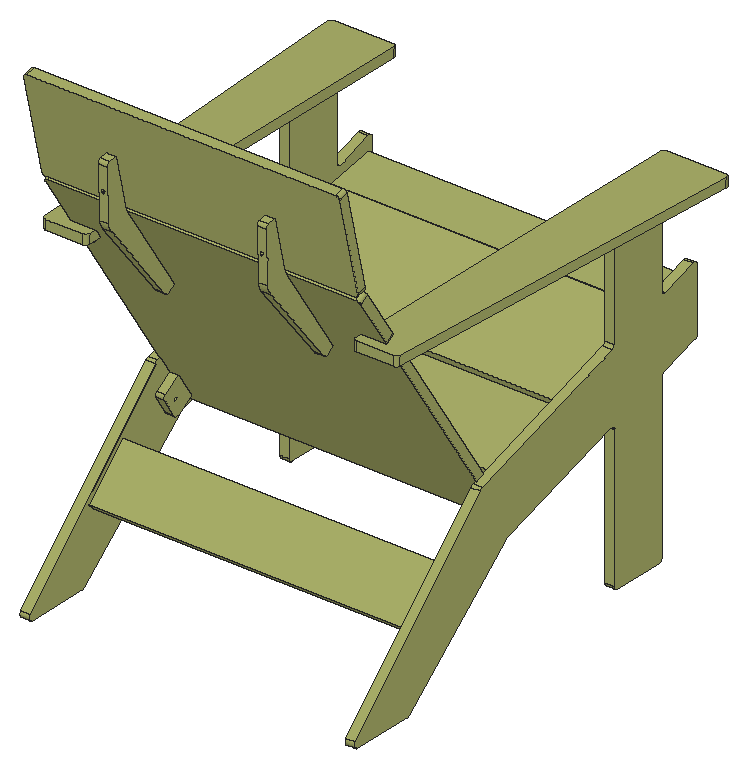
Revit family "Lollygagger Lounge Tall", category Furniture, Revit 2016
Family settings
  OmniClass Number = 23.40.20.00
  OmniClass Title = General Furniture and Specialties
  Work Plane-Based = No
  Always vertical = Yes
  Cut with Voids When Loaded = No
  Shared = No
  Room Calculation Point = No
Parameters (values of type "Loll-Leaf")
  Width = 29 17/64"  # constant formula
  URL = "https://lolldesigns.com/"
  Type Image = lollygagger_tall_lounge_green.jpg
  Thick = 5/8"  # constant formula
  Model = ""
  Manufacturer = "Loll"  # constant formula
  Length = 22 5/8"  # constant formula
  Height Arm = 22 27/32"  # constant formula
  Finish Material = Loll-Leaf
Reference planes (in)
  plane 1 "Center Front/Back": y = 0
  plane 2: z = 0
  plane 3 "Center Left/Right": x = 0
  plane 4: x = 11.3125
  plane 5: x = -11.3125
  plane 6: y = -14.74047
  plane 7: x = 10.6875
  plane 8: x = -10.6875
  plane 9: y = 14.74047
  plane 10: z = 22.84375
  plane 11: z = 22.21875
Forms (in)
  Extrusion 1, solid, material "Loll-Leaf" <- "Finish Material"
    sketch origin (-10.88537, 1.93943, 22.21875) x (0, 1, 0) y (1, 0, 0)
      loop
        arc (-13.19896, 1.88537) -> (-13.37574, 1.81215) -> (-13.44896, 1.63537) r 0.25
        line (-13.44896, 1.63537) -> (-13.44896, -0.8785)
        arc (-13.44896, -0.8785) -> (-13.38071, -1.05017) -> (-13.21322, -1.1281) r 0.25
        line (-13.21322, -1.1281) -> (12.53678, -2.59953)
        arc (12.53678, -2.59953) -> (12.7227, -2.53168) -> (12.80104, -2.34993) r 0.25
        line (12.80104, -2.34993) -> (12.80104, 1.63537)
        arc (12.80104, 1.63537) -> (12.72782, 1.81215) -> (12.55104, 1.88537) r 0.25
        line (12.55104, 1.88537) -> (-13.19896, 1.88537)
    from 0 to -0.625
  Extrusion 2, solid, material "Loll-Leaf" <- "Finish Material"
    sketch origin (0, -6.42158, 17.33828) x (-1, 0, 0) y (0, -0.544639, 0.838671)
      loop
        arc (-10.4375, 11.18421) -> (-10.61428, 11.11098) -> (-10.6875, 10.93421) r 0.25
        line (-10.6875, 10.93421) -> (-10.6875, 7.0087)
        arc (-10.6875, 7.0087) -> (-10.65089, 6.92031) -> (-10.5625, 6.8837) r 0.125
        line (-10.5625, 6.8837) -> (-9.25, 6.8837)
        arc (-9.25, 6.8837) -> (-9.07322, 6.81048) -> (-9, 6.6337) r 0.25
        line (-9, 6.6337) -> (-9, 6.53474)
        arc (-9, 6.53474) -> (-9.07322, 6.35796) -> (-9.25, 6.28474) r 0.25
        line (-9.25, 6.28474) -> (-10.5625, 6.28474)
        arc (-10.5625, 6.28474) -> (-10.65089, 6.24812) -> (-10.6875, 6.15974) r 0.125
        line (-10.6875, 6.15974) -> (-10.6875, -7.81579) -> (-10.9375, -7.81579)
        arc (-10.9375, -7.81579) -> (-11.02589, -7.8524) -> (-11.0625, -7.94079) r 0.125
        line (-11.0625, -7.94079) -> (-11.0625, -10.69079)
        arc (-11.0625, -10.69079) -> (-11.02589, -10.77918) -> (-10.9375, -10.81579) r 0.125
        line (-10.9375, -10.81579) -> (10.9375, -10.81579)
        arc (10.9375, -10.81579) -> (11.02589, -10.77918) -> (11.0625, -10.69079) r 0.125
        line (11.0625, -10.69079) -> (11.0625, -7.94079)
        arc (11.0625, -7.94079) -> (11.02589, -7.8524) -> (10.9375, -7.81579) r 0.125
        line (10.9375, -7.81579) -> (10.6875, -7.81579) -> (10.6875, 6.15974)
        arc (10.6875, 6.15974) -> (10.65089, 6.24812) -> (10.5625, 6.28474) r 0.125
        line (10.5625, 6.28474) -> (9.25, 6.28474)
        arc (9.25, 6.28474) -> (9.07322, 6.35796) -> (9, 6.53474) r 0.25
        line (9, 6.53474) -> (9, 6.6337)
        arc (9, 6.6337) -> (9.07322, 6.81048) -> (9.25, 6.8837) r 0.25
        line (9.25, 6.8837) -> (10.5625, 6.8837)
        arc (10.5625, 6.8837) -> (10.65089, 6.92031) -> (10.6875, 7.0087) r 0.125
        line (10.6875, 7.0087) -> (10.6875, 10.93421)
        arc (10.6875, 10.93421) -> (10.61428, 11.11098) -> (10.4375, 11.18421) r 0.25
        line (10.4375, 11.18421) -> (-10.4375, 11.18421)
    from 0 to -0.625
  Extrusion 3, solid, material "Loll-Leaf" <- "Finish Material", not visible
    sketch origin (10.88537, -1.93943, 22.22123) x (0, -1, 0) y (-1, 0, 0)
      loop
        arc (9.32009, 32.38537) -> (9.49687, 32.4586) -> (9.57009, 32.63537) r 0.25
        line (9.57009, 32.63537) -> (9.57009, 35.14925)
        arc (9.57009, 35.14925) -> (9.50184, 35.32091) -> (9.33435, 35.39884) r 0.25
        line (9.33435, 35.39884) -> (-16.41565, 36.87027)
        arc (-16.41565, 36.87027) -> (-16.60157, 36.80243) -> (-16.67991, 36.62068) r 0.25
        line (-16.67991, 36.62068) -> (-16.67991, 32.63537)
        arc (-16.67991, 32.63537) -> (-16.60669, 32.4586) -> (-16.42991, 32.38537) r 0.25
        line (-16.42991, 32.38537) -> (9.32009, 32.38537)
    from 0 to -0.625
  Extrusion 4, solid, material "Loll-Leaf" <- "Finish Material"
    sketch origin (10.88537, -1.93943, 22.22123) x (0, -1, 0) y (-1, 0, 0)
      loop
        line (9.32009, 1.88537) -> (-16.42991, 1.88537)
        arc (-16.42991, 1.88537) -> (-16.60669, 1.81215) -> (-16.67991, 1.63537) r 0.25
        line (-16.67991, 1.63537) -> (-16.67991, -2.34993)
        arc (-16.67991, -2.34993) -> (-16.60157, -2.53168) -> (-16.41565, -2.59953) r 0.25
        line (-16.41565, -2.59953) -> (9.33435, -1.1281)
        arc (9.33435, -1.1281) -> (9.50184, -1.05017) -> (9.57009, -0.8785) r 0.25
        line (9.57009, -0.8785) -> (9.57009, 1.63537)
        arc (9.57009, 1.63537) -> (9.49687, 1.81215) -> (9.32009, 1.88537) r 0.25
    from 0 to -0.625
  Extrusion 5, solid, material "Loll-Leaf" <- "Finish Material"
    sketch origin (0, 0.96383, 11.93975) x (1, 0, 0) y (0, 0.978148, 0.207912)
      loop
        line (-10.875, -3) -> (10.875, -3)
        arc (10.875, -3) -> (10.96339, -2.96339) -> (11, -2.875) r 0.125
        line (11, -2.875) -> (11, 2.875)
        arc (11, 2.875) -> (10.96339, 2.96339) -> (10.875, 3) r 0.125
        line (10.875, 3) -> (-10.875, 3)
        arc (-10.875, 3) -> (-10.96339, 2.96339) -> (-11, 2.875) r 0.125
        line (-11, 2.875) -> (-11, -2.875)
        arc (-11, -2.875) -> (-10.96339, -2.96339) -> (-10.875, -3) r 0.125
    from 0 to -0.625
  Extrusion 6, solid, material "Loll-Leaf" <- "Finish Material"
    sketch origin (0, 9.35533, 14.03025) x (0, 0.930418, 0.366501) y (1, 0, 0)
      loop
        line (-5.29915, 10.6875) -> (-5.29915, -10.6875) -> (2.23456, -10.6875) -> (2.23456, 10.6875) -> (-5.29915, 10.6875)
    from 0 to -0.625
  Extrusion 7, solid, material "Loll-Leaf" <- "Finish Material"
    sketch origin (0, 10.86547, 10.61702) x (0, 0, 1) y (-1, 0, 0)
      loop
        line (-10.34704, -8.9375) -> (-10.34704, -10.875)
        arc (-10.34704, -10.875) -> (-10.31043, -10.96339) -> (-10.22204, -11) r 0.125
        line (-10.22204, -11) -> (4.49046, -11)
        arc (4.49046, -11) -> (4.57885, -10.96339) -> (4.61546, -10.875) r 0.125
        line (4.61546, -10.875) -> (4.61546, 10.875)
        arc (4.61546, 10.875) -> (4.57885, 10.96339) -> (4.49046, 11) r 0.125
        line (4.49046, 11) -> (-10.22204, 11)
        arc (-10.22204, 11) -> (-10.31043, 10.96339) -> (-10.34704, 10.875) r 0.125
        line (-10.34704, 10.875) -> (-10.34704, 8.9375)
        arc (-10.34704, 8.9375) -> (-10.27382, 8.76072) -> (-10.09704, 8.6875) r 0.25
        line (-10.09704, 8.6875) -> (0.23046, 8.6875)
        arc (0.23046, 8.6875) -> (0.4143, 8.61135) -> (0.49046, 8.4275) r 0.26
        line (0.49046, 8.4275) -> (0.49046, -8.4275)
        arc (0.49046, -8.4275) -> (0.4143, -8.61135) -> (0.23046, -8.6875) r 0.26
        line (0.23046, -8.6875) -> (-10.09704, -8.6875)
        arc (-10.09704, -8.6875) -> (-10.27382, -8.76072) -> (-10.34704, -8.9375) r 0.25
    from 0 to -0.625
  Extrusion 8, solid, material "Loll-Leaf" <- "Finish Material"
    sketch origin (-10.6875, 3.48106, 9.27315) x (0, 1, 0) y (0, 0, 1)
      loop
        arc (4.25942, 5.65273) -> (4.21167, 5.50578) -> (4.08667, 5.41497) r 0.25
        line (4.08667, 5.41497) -> (-6.86864, 1.85537)
        arc (-6.86864, 1.85537) -> (-6.97538, 1.80616) -> (-7.06769, 1.73339) r 0.5
        line (-7.06769, 1.73339) -> (-17.64745, -8.84637)
        arc (-17.64745, -8.84637) -> (-17.70164, -9.11882) -> (-17.47067, -9.27315) r 0.25
        line (-17.47067, -9.27315) -> (-13.29968, -9.27315)
        arc (-13.29968, -9.27315) -> (-13.21286, -9.25759) -> (-13.13684, -9.21284) r 0.25
        line (-13.13684, -9.21284) -> (-4.90461, -2.14571)
        arc (-4.90461, -2.14571) -> (-4.82243, -2.0884) -> (-4.73048, -2.04861) r 0.5
        line (-4.73048, -2.04861) -> (3.93364, 0.70731)
        arc (3.93364, 0.70731) -> (4.15699, 0.67087) -> (4.25942, 0.46908) r 0.25
        line (4.25942, 0.46908) -> (4.25942, -9.02315)
        arc (4.25942, -9.02315) -> (4.33264, -9.19993) -> (4.50942, -9.27315) r 0.25
        line (4.50942, -9.27315) -> (8.00942, -9.27315)
        arc (8.00942, -9.27315) -> (8.18619, -9.19993) -> (8.25942, -9.02315) r 0.25
        line (8.25942, -9.02315) -> (8.25942, 1.90046)
        arc (8.25942, 1.90046) -> (8.30762, 2.04803) -> (8.43364, 2.1387) r 0.25
        line (8.43364, 2.1387) -> (11.0852, 2.98212)
        arc (11.0852, 2.98212) -> (11.21122, 3.07279) -> (11.25942, 3.22036) r 0.25
        line (11.25942, 3.22036) -> (11.25942, 7.40144)
        arc (11.25942, 7.40144) -> (11.15636, 7.60369) -> (10.93216, 7.6392) r 0.25
        line (10.93216, 7.6392) -> (8.58667, 6.8771)
        arc (8.58667, 6.8771) -> (8.36247, 6.91261) -> (8.25942, 7.11487) r 0.25
        line (8.25942, 7.11487) -> (8.25942, 12.94809) -> (4.25942, 12.94809) -> (4.25942, 5.65273)
    from 0 to -0.625
  Extrusion 9, solid, material "Loll-Leaf" <- "Finish Material", not visible
    sketch origin (10.6875, -3.48106, 9.27315) x (0, -1, 0) y (0, 0, 1)
      loop
        line (-11.22153, 5.65273) -> (-11.22153, 12.94809) -> (-15.22153, 12.94809) -> (-15.22153, 7.11487)
        arc (-15.22153, 7.11487) -> (-15.32459, 6.91261) -> (-15.54879, 6.8771) r 0.25
        line (-15.54879, 6.8771) -> (-17.89428, 7.6392)
        arc (-17.89428, 7.6392) -> (-18.11848, 7.60369) -> (-18.22153, 7.40144) r 0.25
        line (-18.22153, 7.40144) -> (-18.22153, 3.22036)
        arc (-18.22153, 3.22036) -> (-18.17333, 3.07279) -> (-18.04731, 2.98212) r 0.25
        line (-18.04731, 2.98212) -> (-15.39575, 2.1387)
        arc (-15.39575, 2.1387) -> (-15.26973, 2.04803) -> (-15.22153, 1.90046) r 0.25
        line (-15.22153, 1.90046) -> (-15.22153, -9.02315)
        arc (-15.22153, -9.02315) -> (-15.14831, -9.19993) -> (-14.97153, -9.27315) r 0.25
        line (-14.97153, -9.27315) -> (-11.47153, -9.27315)
        arc (-11.47153, -9.27315) -> (-11.29475, -9.19993) -> (-11.22153, -9.02315) r 0.25
        line (-11.22153, -9.02315) -> (-11.22153, 0.46908)
        arc (-11.22153, 0.46908) -> (-11.1191, 0.67087) -> (-10.89575, 0.70731) r 0.25
        line (-10.89575, 0.70731) -> (-2.23163, -2.04861)
        arc (-2.23163, -2.04861) -> (-2.13968, -2.0884) -> (-2.05751, -2.14571) r 0.5
        line (-2.05751, -2.14571) -> (6.17472, -9.21284)
        arc (6.17472, -9.21284) -> (6.25074, -9.25759) -> (6.33757, -9.27315) r 0.25
        line (6.33757, -9.27315) -> (10.50856, -9.27315)
        arc (10.50856, -9.27315) -> (10.73953, -9.11882) -> (10.68534, -8.84637) r 0.25
        line (10.68534, -8.84637) -> (0.10557, 1.73339)
        arc (0.10557, 1.73339) -> (0.01327, 1.80616) -> (-0.09347, 1.85537) r 0.5
        line (-0.09347, 1.85537) -> (-11.04879, 5.41497)
        arc (-11.04879, 5.41497) -> (-11.17379, 5.50578) -> (-11.22153, 5.65273) r 0.25
    from 0 to -0.625
  Extrusion 10, solid, material "Loll-Leaf" <- "Finish Material"
    sketch origin (10.6875, -3.48106, 9.27315) x (0, -1, 0) y (0, 0, 1)
      loop
        line (-11.22153, 5.65273) -> (-11.22153, 12.94809) -> (-15.22153, 12.94809) -> (-15.22153, 7.11487)
        arc (-15.22153, 7.11487) -> (-15.32459, 6.91261) -> (-15.54879, 6.8771) r 0.25
        line (-15.54879, 6.8771) -> (-17.89428, 7.6392)
        arc (-17.89428, 7.6392) -> (-18.11848, 7.60369) -> (-18.22153, 7.40144) r 0.25
        line (-18.22153, 7.40144) -> (-18.22153, 3.22036)
        arc (-18.22153, 3.22036) -> (-18.17333, 3.07279) -> (-18.04731, 2.98212) r 0.25
        line (-18.04731, 2.98212) -> (-15.39575, 2.1387)
        arc (-15.39575, 2.1387) -> (-15.26973, 2.04803) -> (-15.22153, 1.90046) r 0.25
        line (-15.22153, 1.90046) -> (-15.22153, -9.02315)
        arc (-15.22153, -9.02315) -> (-15.14831, -9.19993) -> (-14.97153, -9.27315) r 0.25
        line (-14.97153, -9.27315) -> (-11.47153, -9.27315)
        arc (-11.47153, -9.27315) -> (-11.29475, -9.19993) -> (-11.22153, -9.02315) r 0.25
        line (-11.22153, -9.02315) -> (-11.22153, 0.46908)
        arc (-11.22153, 0.46908) -> (-11.1191, 0.67087) -> (-10.89575, 0.70731) r 0.25
        line (-10.89575, 0.70731) -> (-2.23163, -2.04861)
        arc (-2.23163, -2.04861) -> (-2.13968, -2.0884) -> (-2.05751, -2.14571) r 0.5
        line (-2.05751, -2.14571) -> (6.17472, -9.21284)
        arc (6.17472, -9.21284) -> (6.25074, -9.25759) -> (6.33757, -9.27315) r 0.25
        line (6.33757, -9.27315) -> (10.50856, -9.27315)
        arc (10.50856, -9.27315) -> (10.73953, -9.11882) -> (10.68534, -8.84637) r 0.25
        line (10.68534, -8.84637) -> (0.10557, 1.73339)
        arc (0.10557, 1.73339) -> (0.01327, 1.80616) -> (-0.09347, 1.85537) r 0.5
        line (-0.09347, 1.85537) -> (-11.04879, 5.41497)
        arc (-11.04879, 5.41497) -> (-11.17379, 5.50578) -> (-11.22153, 5.65273) r 0.25
    from 0 to -0.625
  Extrusion 11, solid, material "Loll-Leaf" <- "Finish Material"
    sketch origin (0, -13.95315, 30.09055) x (0, -0.224951, 0.97437) y (-1, 0, 0)
      loop
        line (3.5, -10.4375) -> (3.5, 10.4375)
        arc (3.5, 10.4375) -> (3.42678, 10.61428) -> (3.25, 10.6875) r 0.25
        line (3.25, 10.6875) -> (-3.25, 10.6875)
        arc (-3.25, 10.6875) -> (-3.42678, 10.61428) -> (-3.5, 10.4375) r 0.25
        line (-3.5, 10.4375) -> (-3.5, -10.4375)
        arc (-3.5, -10.4375) -> (-3.42678, -10.61428) -> (-3.25, -10.6875) r 0.25
        line (-3.25, -10.6875) -> (3.25, -10.6875)
        arc (3.25, -10.6875) -> (3.42678, -10.61428) -> (3.5, -10.4375) r 0.25
    from 0 to -0.625
  Extrusion 12, solid, material "Loll-Leaf" <- "Finish Material"
    sketch origin (0, -7.83102, 6.32021) x (1, 0, 0) y (0, 0.707107, 0.707107)
      loop
        line (10.6875, 2) -> (-10.6875, 2) -> (-10.6875, -2) -> (10.6875, -2) -> (10.6875, 2)
    from 0 to -0.625
  Extrusion 13, solid, material "Loll-Leaf" <- "Finish Material"
    sketch origin (0, 1.30509, 10.33426) x (0, -0.207912, 0.978148) y (-1, 0, 0)
      loop
        line (-0.85319, 10.6875) -> (-0.85319, -10.6875) -> (1.38651, -10.6875) -> (1.38651, 10.6875) -> (-0.85319, 10.6875)
    from -1.375 to -2
  Extrusion 14, solid, material "Loll-Leaf" <- "Finish Material", not visible
    sketch origin (10.0625, 10.25518, 2.83248) x (0, 1, 0) y (0, 0, -1)
      loop
        line (0.61029, 1) -> (-0.70221, 1)
        arc (-0.70221, 1) -> (-0.87898, 0.92678) -> (-0.95221, 0.75) r 0.25
        line (-0.95221, 0.75) -> (-0.95221, -0.75102)
        arc (-0.95221, -0.75102) -> (-0.87928, -0.92708) -> (-0.70323, -1) r 0.24898
        line (-0.70323, -1) -> (0.61029, -1) -> (0.61029, 1)
      loop
        circle (-0.32732, -0.00097) r 0.15438
    from 0 to -0.625
  Extrusion 15, solid, material "Loll-Leaf" <- "Finish Material", not visible
    sketch origin (10.6875, 8.95591, 13.10345) x (0, 1, 0) y (0, 0, 1)
      loop
        circle (0.86558, -0.01108) r 0.15496
      loop
        arc (1.97075, 0.9872) -> (1.6244, 1.04856) -> (1.40416, 1.32282) r 0.5
        line (1.40416, 1.32282) -> (-0.92267, 0.40626) -> (-0.78726, 0.0625)
        arc (-0.78726, 0.0625) -> (0.13177, -1.08772) -> (1.53879, -1.52125) r 2.5
        line (1.53879, -1.52125) -> (1.97075, -1.52125) -> (1.97075, 0.9872)
    from 0 to -0.625
  Extrusion 16, solid, material "Loll-Leaf" <- "Finish Material", not visible
    sketch origin (10.0625, 1.7693, 8.9093) x (0, 1, 0) y (0, 0, 1)
      loop
        line (-1.65367, 2.21119) -> (-1.38078, 0.92737)
        arc (-1.38078, 0.92737) -> (-1.27241, 0.76968) -> (-1.08427, 0.73482) r 0.25
        line (-1.08427, 0.73482) -> (0.38295, 1.04668)
        arc (0.38295, 1.04668) -> (0.54064, 1.15506) -> (0.57551, 1.3432) r 0.25
        line (0.57551, 1.3432) -> (0.30263, 2.62702) -> (-1.65367, 2.21119)
      loop
        circle (-0.48096, 1.5021) r 0.15469
    from 0 to 0.625
  Extrusion 17, solid, material "Loll-Leaf" <- "Finish Material", not visible
    sketch origin (10.0625, 3.48106, 9.27315) x (0, 1, 0) y (0, 0, 1)
      loop
        line (-5.89771, 0.75052) -> (-6.99846, 0.03568)
        arc (-6.99846, 0.03568) -> (-7.10684, -0.12201) -> (-7.07197, -0.31015) r 0.25
        line (-7.07197, -0.31015) -> (-6.25501, -1.56815)
        arc (-6.25501, -1.56815) -> (-6.09732, -1.67653) -> (-5.90918, -1.64166) r 0.25
        line (-5.90918, -1.64166) -> (-4.80843, -0.92682) -> (-5.89771, 0.75052)
      loop
        circle (-6.13972, -0.59897) r 0.15467
    from 0 to 0.625
  Extrusion 18, solid, material "Loll-Leaf" <- "Finish Material", not visible
    sketch origin (10.0625, 3.48106, 9.27315) x (0, 1, 0) y (0, 0, 1)
      loop
        line (-11.57724, -4.10199) -> (-10.64917, -5.03007)
        arc (-10.64917, -5.03007) -> (-10.47239, -5.10329) -> (-10.29561, -5.03007) r 0.25
        line (-10.29561, -5.03007) -> (-9.23495, -3.96941)
        arc (-9.23495, -3.96941) -> (-9.16173, -3.79263) -> (-9.23495, -3.61585) r 0.25
        line (-9.23495, -3.61585) -> (-10.16303, -2.68778) -> (-11.57724, -4.10199)
      loop
        circle (-10.20772, -4.05688) r 0.15525
    from 0 to 0.625
  Extrusion 19, solid, material "Aluminum", not visible
    sketch origin (9.86463, 1.93943, 22.22123) x (-1, 0, 0) y (0, 1, 0)
      loop
        arc (32.48963, 8.11354) -> (32.17713, 7.80104) -> (32.48963, 7.48854) r 0.3125
        line (32.48963, 7.48854) -> (34.23963, 7.48854)
        arc (34.23963, 7.48854) -> (34.55213, 7.80104) -> (34.23963, 8.11354) r 0.3125
        line (34.23963, 8.11354) -> (32.48963, 8.11354)
      loop
        circle (32.48947, 7.80212) r 0.14929
      loop
        circle (34.23978, 7.80212) r 0.14929
    from 0 to 0.0725
  Extrusion 20, solid, material "Aluminum", not visible
    sketch origin (-45.75, -6.94575, 16.99788) x (1, 0, 0) y (0, -0.544639, 0.838671)
      loop
        arc (23.8125, 6.24793) -> (23.76338, 6.36652) -> (23.64479, 6.41564) r 0.16771
        line (23.64479, 6.41564) -> (22.96805, 6.41564)
        arc (22.96805, 6.41564) -> (22.85806, 6.37008) -> (22.8125, 6.26009) r 0.15555
        line (22.8125, 6.26009) -> (22.8125, 6.04064) -> (23.02091, 5.55275)
        arc (23.02091, 5.55275) -> (23.3125, 5.36022) -> (23.60409, 5.55275) r 0.31708
        line (23.60409, 5.55275) -> (23.8125, 6.04064) -> (23.8125, 6.24793)
      loop
        circle (23.31763, 5.67339) r 0.14853
    from 0 to 0.065
  Extrusion 21, solid, material "Loll-Leaf" <- "Finish Material", not visible
    sketch origin (-18.1875, -12.38505, 24.77911) x (0, 0.224951, -0.97437) y (0, -0.97437, -0.224951)
      loop
        line (-5.53464, 0.33309) -> (-1.92142, 0.33309)
        arc (-1.92142, 0.33309) -> (-1.86284, 0.32797) -> (-1.80603, 0.31275) r 0.33738
        line (-1.80603, 0.31275) -> (5.23059, -2.24837) -> (5.40774, -1.76166)
        arc (5.40774, -1.76166) -> (5.40421, -1.58153) -> (5.28052, -1.45055) r 0.25
        line (5.28052, -1.45055) -> (-1.29837, 1.69031)
        arc (-1.29837, 1.69031) -> (-1.60413, 1.78003) -> (-1.9226, 1.769) r 1
        line (-1.9226, 1.769) -> (-5.33299, 1.09672)
        arc (-5.33299, 1.09672) -> (-5.47776, 1.01021) -> (-5.53464, 0.85144) r 0.25
        line (-5.53464, 0.85144) -> (-5.53464, 0.33309)
    from 0 to -0.625
  Extrusion 22, void, not visible
    sketch origin (-18.1875, -14.5412, 26.25449) x (0, -0.032257, 0.99948) y (-1, 0, 0)
      loop
        circle (1.90046, -0.31296) r 0.12341
    from -1.3884 to 0
  Extrusion 23, solid, material "Loll-Leaf" <- "Finish Material"
    sketch origin (-5.6875, -12.38505, 24.77911) x (0, 0.224951, -0.97437) y (0, -0.97437, -0.224951)
      loop
        line (-5.53464, 0.33309) -> (-1.92142, 0.33309)
        arc (-1.92142, 0.33309) -> (-1.86284, 0.32797) -> (-1.80603, 0.31275) r 0.33738
        line (-1.80603, 0.31275) -> (5.23059, -2.24837) -> (5.40774, -1.76166)
        arc (5.40774, -1.76166) -> (5.40421, -1.58153) -> (5.28052, -1.45055) r 0.25
        line (5.28052, -1.45055) -> (-1.29837, 1.69031)
        arc (-1.29837, 1.69031) -> (-1.60413, 1.78003) -> (-1.9226, 1.769) r 1
        line (-1.9226, 1.769) -> (-5.33299, 1.09672)
        arc (-5.33299, 1.09672) -> (-5.47776, 1.01021) -> (-5.53464, 0.85144) r 0.25
        line (-5.53464, 0.85144) -> (-5.53464, 0.33309)
    from 0 to -0.625
  Extrusion 24, void
    sketch origin (-5.6875, -14.5412, 26.25449) x (0, -0.032257, 0.99948) y (-1, 0, 0)
      loop
        circle (1.90046, -0.31296) r 0.12341
    from -1.3884 to 0
  Extrusion 25, solid, material "Loll-Leaf" <- "Finish Material"
    sketch origin (5.0625, -12.38505, 24.77911) x (0, 0.224951, -0.97437) y (0, -0.97437, -0.224951)
      loop
        line (-5.53464, 0.33309) -> (-1.92142, 0.33309)
        arc (-1.92142, 0.33309) -> (-1.86284, 0.32797) -> (-1.80603, 0.31275) r 0.33738
        line (-1.80603, 0.31275) -> (5.23059, -2.24837) -> (5.40774, -1.76166)
        arc (5.40774, -1.76166) -> (5.40421, -1.58153) -> (5.28052, -1.45055) r 0.25
        line (5.28052, -1.45055) -> (-1.29837, 1.69031)
        arc (-1.29837, 1.69031) -> (-1.60413, 1.78003) -> (-1.9226, 1.769) r 1
        line (-1.9226, 1.769) -> (-5.33299, 1.09672)
        arc (-5.33299, 1.09672) -> (-5.47776, 1.01021) -> (-5.53464, 0.85144) r 0.25
        line (-5.53464, 0.85144) -> (-5.53464, 0.33309)
    from 0 to -0.625
  Extrusion 26, void
    sketch origin (5.0625, -14.5412, 26.25449) x (0, -0.032257, 0.99948) y (-1, 0, 0)
      loop
        circle (1.90046, -0.31296) r 0.12341
    from -1.3884 to 0
  Extrusion 27, solid, material "Loll-Leaf" <- "Finish Material"
    sketch origin (-10.0625, -10.25518, 2.83248) x (0, -1, 0) y (0, 0, -1)
      loop
        line (-21.12065, 1) -> (-21.12065, -1) -> (-19.80713, -1)
        arc (-19.80713, -1) -> (-19.63108, -0.92708) -> (-19.55815, -0.75102) r 0.24898
        line (-19.55815, -0.75102) -> (-19.55815, 0.75)
        arc (-19.55815, 0.75) -> (-19.63138, 0.92678) -> (-19.80815, 1) r 0.25
        line (-19.80815, 1) -> (-21.12065, 1)
      loop
        circle (-20.18304, -0.00097) r 0.15438
    from 0 to -0.625
  Extrusion 28, solid, material "Loll-Leaf" <- "Finish Material"
    sketch origin (-10.6875, -8.95591, 13.10345) x (0, -1, 0) y (0, 0, 1)
      loop
        circle (-18.7774, -0.01108) r 0.15496
      loop
        line (-19.88257, 0.9872) -> (-19.88257, -1.52125) -> (-19.45061, -1.52125)
        arc (-19.45061, -1.52125) -> (-18.0436, -1.08772) -> (-17.12457, 0.0625) r 2.5
        line (-17.12457, 0.0625) -> (-16.98916, 0.40626) -> (-19.31599, 1.32282)
        arc (-19.31599, 1.32282) -> (-19.53623, 1.04856) -> (-19.88257, 0.9872) r 0.5
    from 0 to -0.625
  Extrusion 29, solid, material "Loll-Leaf" <- "Finish Material"
    sketch origin (-10.0625, -1.7693, 8.9093) x (0, -1, 0) y (0, 0, 1)
      loop
        line (-1.88493, 2.21119) -> (-3.84123, 2.62702) -> (-4.11411, 1.3432)
        arc (-4.11411, 1.3432) -> (-4.07924, 1.15506) -> (-3.92155, 1.04668) r 0.25
        line (-3.92155, 1.04668) -> (-2.45433, 0.73482)
        arc (-2.45433, 0.73482) -> (-2.26619, 0.76968) -> (-2.15781, 0.92737) r 0.25
        line (-2.15781, 0.92737) -> (-1.88493, 2.21119)
      loop
        circle (-3.05764, 1.5021) r 0.15469
    from 0 to 0.625
  Extrusion 30, solid, material "Loll-Leaf" <- "Finish Material"
    sketch origin (-10.0625, -3.48106, 9.27315) x (0, -1, 0) y (0, 0, 1)
      loop
        line (-1.06441, 0.75052) -> (-2.15369, -0.92682) -> (-1.05293, -1.64166)
        arc (-1.05293, -1.64166) -> (-0.86479, -1.67653) -> (-0.70711, -1.56815) r 0.25
        line (-0.70711, -1.56815) -> (0.10985, -0.31015)
        arc (0.10985, -0.31015) -> (0.14472, -0.12201) -> (0.03635, 0.03568) r 0.25
        line (0.03635, 0.03568) -> (-1.06441, 0.75052)
      loop
        circle (-0.82239, -0.59897) r 0.15467
    from 0 to 0.625
  Extrusion 31, solid, material "Loll-Leaf" <- "Finish Material"
    sketch origin (-10.0625, -3.48106, 9.27315) x (0, -1, 0) y (0, 0, 1)
      loop
        line (4.61513, -4.10199) -> (3.20092, -2.68778) -> (2.27284, -3.61585)
        arc (2.27284, -3.61585) -> (2.19962, -3.79263) -> (2.27284, -3.96941) r 0.25
        line (2.27284, -3.96941) -> (3.3335, -5.03007)
        arc (3.3335, -5.03007) -> (3.51028, -5.10329) -> (3.68705, -5.03007) r 0.25
        line (3.68705, -5.03007) -> (4.61513, -4.10199)
      loop
        circle (3.24561, -4.05688) r 0.15525
    from 0 to 0.625
  Extrusion 32, solid, material "Aluminum"
    sketch origin (-9.86463, -1.93943, 22.22123) x (1, 0, 0) y (0, -1, 0)
      loop
        arc (-0.26037, -11.99241) -> (0.05213, -11.67991) -> (-0.26037, -11.36741) r 0.3125
        line (-0.26037, -11.36741) -> (-2.01037, -11.36741)
        arc (-2.01037, -11.36741) -> (-2.32287, -11.67991) -> (-2.01037, -11.99241) r 0.3125
        line (-2.01037, -11.99241) -> (-0.26037, -11.99241)
      loop
        circle (-0.26022, -11.68099) r 0.14929
      loop
        circle (-2.01053, -11.68099) r 0.14929
    from 0 to 0.0725
  Extrusion 33, solid, material "Aluminum"
    sketch origin (-33.25, -6.94575, 16.99788) x (1, 0, 0) y (0, -0.544639, 0.838671)
      loop
        arc (23.8125, 6.24793) -> (23.76338, 6.36652) -> (23.64479, 6.41564) r 0.16771
        line (23.64479, 6.41564) -> (22.96805, 6.41564)
        arc (22.96805, 6.41564) -> (22.85806, 6.37008) -> (22.8125, 6.26009) r 0.15555
        line (22.8125, 6.26009) -> (22.8125, 6.04064) -> (23.02091, 5.55275)
        arc (23.02091, 5.55275) -> (23.3125, 5.36022) -> (23.60409, 5.55275) r 0.31708
        line (23.60409, 5.55275) -> (23.8125, 6.04064) -> (23.8125, 6.24793)
      loop
        circle (23.31763, 5.67339) r 0.14853
    from 0 to 0.065
  Extrusion 34, solid, material "Aluminum"
    sketch origin (45.75, -6.94575, 16.99788) x (-1, 0, 0) y (0, 0.544639, -0.838671)
      loop
        line (36.3125, -6.24793) -> (36.3125, -6.04064) -> (36.10409, -5.55275)
        arc (36.10409, -5.55275) -> (35.8125, -5.36022) -> (35.52091, -5.55275) r 0.31708
        line (35.52091, -5.55275) -> (35.3125, -6.04064) -> (35.3125, -6.26009)
        arc (35.3125, -6.26009) -> (35.35806, -6.37008) -> (35.46805, -6.41564) r 0.15555
        line (35.46805, -6.41564) -> (36.14479, -6.41564)
        arc (36.14479, -6.41564) -> (36.26338, -6.36652) -> (36.3125, -6.24793) r 0.16771
      loop
        circle (35.81763, -5.67339) r 0.14853
    from 0 to 0.065
  Extrusion 35, solid, material "Loll-Leaf" <- "Finish Material"
    sketch origin (10.0625, 10.25518, 2.83248) x (0, 1, 0) y (0, 0, -1)
      loop
        line (0.61029, 1) -> (-0.70221, 1)
        arc (-0.70221, 1) -> (-0.87898, 0.92678) -> (-0.95221, 0.75) r 0.25
        line (-0.95221, 0.75) -> (-0.95221, -0.75102)
        arc (-0.95221, -0.75102) -> (-0.87928, -0.92708) -> (-0.70323, -1) r 0.24898
        line (-0.70323, -1) -> (0.61029, -1) -> (0.61029, 1)
      loop
        circle (-0.32732, -0.00097) r 0.15438
    from 0 to -0.625
  Extrusion 36, solid, material "Loll-Leaf" <- "Finish Material"
    sketch origin (10.6875, 8.95591, 13.10345) x (0, 1, 0) y (0, 0, 1)
      loop
        circle (0.86558, -0.01108) r 0.15496
      loop
        arc (1.97075, 0.9872) -> (1.6244, 1.04856) -> (1.40416, 1.32282) r 0.5
        line (1.40416, 1.32282) -> (-0.92267, 0.40626) -> (-0.78726, 0.0625)
        arc (-0.78726, 0.0625) -> (0.13177, -1.08772) -> (1.53879, -1.52125) r 2.5
        line (1.53879, -1.52125) -> (1.97075, -1.52125) -> (1.97075, 0.9872)
    from 0 to -0.625
  Extrusion 37, solid, material "Loll-Leaf" <- "Finish Material"
    sketch origin (10.0625, 1.7693, 8.9093) x (0, 1, 0) y (0, 0, 1)
      loop
        line (-1.65367, 2.21119) -> (-1.38078, 0.92737)
        arc (-1.38078, 0.92737) -> (-1.27241, 0.76968) -> (-1.08427, 0.73482) r 0.25
        line (-1.08427, 0.73482) -> (0.38295, 1.04668)
        arc (0.38295, 1.04668) -> (0.54064, 1.15506) -> (0.57551, 1.3432) r 0.25
        line (0.57551, 1.3432) -> (0.30263, 2.62702) -> (-1.65367, 2.21119)
      loop
        circle (-0.48096, 1.5021) r 0.15469
    from 0 to 0.625
  Extrusion 38, solid, material "Loll-Leaf" <- "Finish Material"
    sketch origin (10.0625, 3.48106, 9.27315) x (0, 1, 0) y (0, 0, 1)
      loop
        line (-5.89771, 0.75052) -> (-6.99846, 0.03568)
        arc (-6.99846, 0.03568) -> (-7.10684, -0.12201) -> (-7.07197, -0.31015) r 0.25
        line (-7.07197, -0.31015) -> (-6.25501, -1.56815)
        arc (-6.25501, -1.56815) -> (-6.09732, -1.67653) -> (-5.90918, -1.64166) r 0.25
        line (-5.90918, -1.64166) -> (-4.80843, -0.92682) -> (-5.89771, 0.75052)
      loop
        circle (-6.13972, -0.59897) r 0.15467
    from 0 to 0.625
  Extrusion 39, solid, material "Loll-Leaf" <- "Finish Material"
    sketch origin (10.0625, 3.48106, 9.27315) x (0, 1, 0) y (0, 0, 1)
      loop
        line (-11.57724, -4.10199) -> (-10.64917, -5.03007)
        arc (-10.64917, -5.03007) -> (-10.47239, -5.10329) -> (-10.29561, -5.03007) r 0.25
        line (-10.29561, -5.03007) -> (-9.23495, -3.96941)
        arc (-9.23495, -3.96941) -> (-9.16173, -3.79263) -> (-9.23495, -3.61585) r 0.25
        line (-9.23495, -3.61585) -> (-10.16303, -2.68778) -> (-11.57724, -4.10199)
      loop
        circle (-10.20772, -4.05688) r 0.15525
    from 0 to 0.625
  Extrusion 40, solid, material "Aluminum"
    sketch origin (9.86463, 1.93943, 22.22123) x (-1, 0, 0) y (0, 1, 0)
      loop
        line (-0.26037, 8.11354) -> (-2.01037, 8.11354)
        arc (-2.01037, 8.11354) -> (-2.32287, 7.80104) -> (-2.01037, 7.48854) r 0.3125
        line (-2.01037, 7.48854) -> (-0.26037, 7.48854)
        arc (-0.26037, 7.48854) -> (0.05213, 7.80104) -> (-0.26037, 8.11354) r 0.3125
      loop
        circle (-0.26022, 7.80212) r 0.14929
      loop
        circle (-2.01053, 7.80212) r 0.14929
    from 0 to 0.0725
  Extrusion 41, solid, material "Loll-Leaf" <- "Finish Material"
    sketch origin (0, 17.17146, 15.89992) x (0, 0.983255, 0.182236) y (1, 0, 0)
      loop
        line (-5.94676, 10.6875) -> (-5.94676, -10.6875) -> (-2.69306, -10.6875) -> (-2.69306, 10.6875) -> (-5.94676, 10.6875)
    from 0 to -0.625
Cuts and joins
  Extrusion 24, Extrusion 26 cuts Extrusion 11
  Extrusion 24, Extrusion 26 cuts Extrusion 23
  Extrusion 26 cuts Extrusion 25
Lines and regions (in)
  Masking region 1
    outline origin (0, 0, 0) x (1, 0, 0) y (0, 1, 0)
      loop
        arc (-13.23531, 14.74047) -> (-13.41706, 14.66213) -> (-13.4849, 14.47621) r 0.25
        line (-13.4849, 14.47621) -> (-12.01347, -11.27379)
        arc (-12.01347, -11.27379) -> (-11.93554, -11.44128) -> (-11.76388, -11.50953) r 0.25
        line (-11.76388, -11.50953) -> (-11.3125, -11.50953) -> (-11.3125, -14.23962) -> (-10.6875, -14.23962) -> (-10.6875, -14.68424)
        spline (-10.6875, -14.68424) -> (-10.68536, -14.69158) -> (-10.67898, -14.69879) -> (-10.66847, -14.70576) -> (-10.65401, -14.71236) -> (-10.63584, -14.71847) -> (-10.61428, -14.724) -> (-10.58969, -14.72885) -> (-10.5625, -14.73294) -> (-10.53317, -14.73619) -> (-10.5022, -14.73856) -> (-10.47013, -14.73999) -> (-10.4375, -14.74047)
        line (-10.4375, -14.74047) -> (10.4375, -14.74047)
        spline (10.4375, -14.74047) -> (10.47013, -14.73999) -> (10.5022, -14.73856) -> (10.53317, -14.73619) -> (10.5625, -14.73294) -> (10.58969, -14.72885) -> (10.61428, -14.724) -> (10.63584, -14.71847) -> (10.65401, -14.71236) -> (10.66847, -14.70576) -> (10.67898, -14.69879) -> (10.68536, -14.69158) -> (10.6875, -14.68424)
        line (10.6875, -14.68424) -> (10.6875, -14.23962) -> (11.3125, -14.23962) -> (11.3125, -11.50953) -> (11.76388, -11.50953)
        arc (11.76388, -11.50953) -> (11.93554, -11.44128) -> (12.01347, -11.27379) r 0.25
        line (12.01347, -11.27379) -> (13.4849, 14.47621)
        arc (13.4849, 14.47621) -> (13.41706, 14.66213) -> (13.23531, 14.74047) r 0.25
        line (13.23531, 14.74047) -> (9.25, 14.74047)
        arc (9.25, 14.74047) -> (9.08531, 14.67856) -> (9.00219, 14.5235) r 0.25
        line (9.00219, 14.5235) -> (-9.00219, 14.5235)
        arc (-9.00219, 14.5235) -> (-9.08531, 14.67856) -> (-9.25, 14.74047) r 0.25
        line (-9.25, 14.74047) -> (-13.23531, 14.74047)
  Masking region 2
    outline origin (0, 0, 0) x (0, 1, 0) y (0, 0, 1)
      loop
        line (-12.55684, 26.82085) -> (-14.13149, 33.64144) -> (-14.74047, 33.50085) -> (-13.95463, 30.09696) -> (-14.45969, 29.98036)
        arc (-14.45969, 29.98036) -> (-14.60159, 29.88922) -> (-14.65332, 29.7287) r 0.25
        line (-14.65332, 29.7287) -> (-14.5412, 26.25449)
        arc (-14.5412, 26.25449) -> (-14.4803, 25.94171) -> (-14.3241, 25.66396) r 1
        line (-14.3241, 25.66396) -> (-9.78382, 19.96023)
        arc (-9.78382, 19.96023) -> (-9.62836, 19.86917) -> (-9.45206, 19.90626) r 0.25
        line (-9.45206, 19.90626) -> (-9.01767, 20.18835) -> (-3.17831, 11.19652) -> (-3.38758, 11.12852)
        arc (-3.38758, 11.12852) -> (-3.49432, 11.07931) -> (-3.58663, 11.00654) r 0.5
        line (-3.58663, 11.00654) -> (-14.16639, 0.42678)
        arc (-14.16639, 0.42678) -> (-14.22059, 0.15433) -> (-13.98962, 0) r 0.25
        line (-13.98962, 0) -> (-9.81862, 0)
        arc (-9.81862, 0) -> (-9.7318, 0.01556) -> (-9.65578, 0.06031) r 0.25
        line (-9.65578, 0.06031) -> (-1.34636, 7.1937) -> (7.41469, 9.98046)
        arc (7.41469, 9.98046) -> (7.63805, 9.94402) -> (7.74047, 9.74222) r 0.25
        line (7.74047, 9.74222) -> (7.74047, 0.25)
        arc (7.74047, 0.25) -> (7.8137, 0.07322) -> (7.99047, 0) r 0.25
        line (7.99047, 0) -> (11.49047, 0)
        arc (11.49047, 0) -> (11.66725, 0.07322) -> (11.74047, 0.25) r 0.25
        line (11.74047, 0.25) -> (11.74047, 11.17361)
        arc (11.74047, 11.17361) -> (11.78868, 11.32118) -> (11.91469, 11.41185) r 0.25
        line (11.91469, 11.41185) -> (14.56625, 12.25527)
        arc (14.56625, 12.25527) -> (14.69227, 12.34594) -> (14.74047, 12.49351) r 0.25
        line (14.74047, 12.49351) -> (14.74047, 16.67459)
        arc (14.74047, 16.67459) -> (14.63742, 16.87684) -> (14.41322, 16.91235) r 0.25
        line (14.41322, 16.91235) -> (12.06773, 16.15025)
        arc (12.06773, 16.15025) -> (11.84353, 16.18576) -> (11.74047, 16.38802) r 0.25
        line (11.74047, 16.38802) -> (11.74047, 22.22123) -> (14.74047, 22.22123) -> (14.74047, 22.84623) -> (-9.99849, 22.84623) -> (-12.51294, 26.71814) -> (-13.03711, 26.37774) -> (-13.09243, 26.46294)
        arc (-13.09243, 26.46294) -> (-13.12312, 26.52065) -> (-13.14332, 26.58282) r 0.375
        line (-13.14332, 26.58282) -> (-13.16582, 26.68026) -> (-12.55684, 26.82085)
      loop
        line (-9.59261, 22.22123) -> (-2.56293, 11.39646) -> (7.56773, 14.68811)
        arc (7.56773, 14.68811) -> (7.69273, 14.77893) -> (7.74047, 14.92588) r 0.25
        line (7.74047, 14.92588) -> (7.74047, 22.22123) -> (-9.59261, 22.22123)
  Masking region 3
    outline origin (0, 0, 0) x (1, 0, 0) y (0, 0, 1)
      loop
        line (13.48531, 22.84623) -> (10.6875, 22.84623) -> (10.6875, 26.50847)
        spline (10.6875, 26.50847) -> (10.68633, 26.52869) -> (10.68285, 26.54872) -> (10.67708, 26.56838) -> (10.66907, 26.58748) -> (10.65891, 26.60584) -> (10.64668, 26.62329) -> (10.6325, 26.63967) -> (10.61651, 26.65483) -> (10.59885, 26.66863) -> (10.57968, 26.68093) -> (10.55918, 26.69163) -> (10.53756, 26.70062)
        spline (10.53756, 26.70062) -> (10.55918, 26.71106) -> (10.57968, 26.72348) -> (10.59885, 26.73778) -> (10.61651, 26.75381) -> (10.6325, 26.77142) -> (10.64668, 26.79045) -> (10.65891, 26.81073) -> (10.66907, 26.83206) -> (10.67708, 26.85425) -> (10.68285, 26.87708) -> (10.68633, 26.90036) -> (10.6875, 26.92385)
        line (10.6875, 26.92385) -> (10.6875, 33.39785)
        spline (10.6875, 33.39785) -> (10.68536, 33.42964) -> (10.67898, 33.46089) -> (10.66847, 33.49107) -> (10.65401, 33.51964) -> (10.63584, 33.54614) -> (10.61428, 33.57009) -> (10.58969, 33.5911) -> (10.5625, 33.6088) -> (10.53317, 33.6229) -> (10.5022, 33.63314) -> (10.47013, 33.63936) -> (10.4375, 33.64144)
        line (10.4375, 33.64144) -> (-10.4375, 33.64144)
        spline (-10.4375, 33.64144) -> (-10.47013, 33.63936) -> (-10.5022, 33.63314) -> (-10.53317, 33.6229) -> (-10.5625, 33.6088) -> (-10.58969, 33.5911) -> (-10.61428, 33.57009) -> (-10.63584, 33.54614) -> (-10.65401, 33.51964) -> (-10.66847, 33.49107) -> (-10.67898, 33.46089) -> (-10.68536, 33.42964) -> (-10.6875, 33.39785)
        line (-10.6875, 33.39785) -> (-10.6875, 26.92385)
        spline (-10.6875, 26.92385) -> (-10.68633, 26.90036) -> (-10.68285, 26.87708) -> (-10.67708, 26.85425) -> (-10.66907, 26.83206) -> (-10.65891, 26.81073) -> (-10.64668, 26.79045) -> (-10.6325, 26.77142) -> (-10.61651, 26.75381) -> (-10.59885, 26.73778) -> (-10.57968, 26.72348) -> (-10.55918, 26.71106) -> (-10.53756, 26.70062)
        spline (-10.53756, 26.70062) -> (-10.55918, 26.69163) -> (-10.57968, 26.68093) -> (-10.59885, 26.66863) -> (-10.61651, 26.65483) -> (-10.6325, 26.63967) -> (-10.64668, 26.62329) -> (-10.65891, 26.60584) -> (-10.66907, 26.58748) -> (-10.67708, 26.56838) -> (-10.68285, 26.54872) -> (-10.68633, 26.52869) -> (-10.6875, 26.50847)
        line (-10.6875, 26.50847) -> (-10.6875, 22.84623) -> (-13.48531, 22.84623) -> (-13.48531, 22.22123) -> (-12.1955, 22.22123) -> (-12.1955, 22.14873) -> (-11.3125, 22.14873) -> (-11.3125, 0) -> (-10.6875, 0) -> (-10.6875, 0.26998) -> (-8.9375, 0.26998)
        arc (-8.9375, 0.26998) -> (-8.76072, 0.3432) -> (-8.6875, 0.51998) r 0.25
        line (-8.6875, 0.51998) -> (-8.6875, 4.46405) -> (8.6875, 4.46405) -> (8.6875, 0.51998)
        arc (8.6875, 0.51998) -> (8.76072, 0.3432) -> (8.9375, 0.26998) r 0.25
        line (8.9375, 0.26998) -> (10.6875, 0.26998) -> (10.6875, 0) -> (11.3125, 0) -> (11.3125, 22.14873) -> (12.1955, 22.14873) -> (12.1955, 22.22123) -> (13.48531, 22.22123) -> (13.48531, 22.84623)
      loop
        line (8.6875, 7.73442) -> (8.6875, 7.92699) -> (-8.6875, 7.92699) -> (-8.6875, 7.73442) -> (8.6875, 7.73442)
  symbolic lines
    curve 1: line (10.6875, 0, 22.84623) -> (9, 0, 22.84623)
    curve 2: line (9, 0, 22.84623) -> (9, 0, 22.22123)
    curve 3: line (12.1955, 0, 22.22123) -> (9, 0, 22.22123)
    curve 4: spline (10.5625, 0, 23.11143) -> (10.57882, 0, 23.11233) -> (10.59485, 0, 23.11501) -> (10.61034, 0, 23.11941) -> (10.625, 0, 23.12548) -> (10.6386, 0, 23.1331) -> (10.65089, 0, 23.14214) -> (10.66167, 0, 23.15245) -> (10.67075, 0, 23.16385) -> (10.67798, 0, 23.17615) -> (10.68324, 0, 23.18914) -> (10.68643, 0, 23.20258) -> (10.6875, 0, 23.21627)
    curve 5: line (9.25, 0, 23.11143) -> (10.5625, 0, 23.11143)
    curve 6: spline (9, 0, 22.90177) -> (9.00214, 0, 22.92913) -> (9.00852, 0, 22.95603) -> (9.01903, 0, 22.982) -> (9.03349, 0, 23.0066) -> (9.05166, 0, 23.0294) -> (9.07322, 0, 23.05002) -> (9.09781, 0, 23.06811) -> (9.125, 0, 23.08334) -> (9.15433, 0, 23.09547) -> (9.1853, 0, 23.10429) -> (9.21737, 0, 23.10964) -> (9.25, 0, 23.11143)
    curve 7: line (9, 0, 22.47837) -> (9, 0, 22.90177)
    curve 8: line (12.1875, 0, 22.14873) -> (9.8125, 0, 22.14873)
    curve 9: line (9.8125, 0, 22.14873) -> (9.8125, 0, 22.22123)
    curve 10: line (11.3125, 0, 16.91235) -> (10.6875, 0, 16.91235)
    curve 11: line (10.6875, 0, 0.25498) -> (10.6875, 0, 22.14873)
    curve 12: spline (-10.5625, 0, 23.11143) -> (-10.57882, 0, 23.11233) -> (-10.59485, 0, 23.11501) -> (-10.61034, 0, 23.11941) -> (-10.625, 0, 23.12548) -> (-10.6386, 0, 23.1331) -> (-10.65089, 0, 23.14214) -> (-10.66167, 0, 23.15245) -> (-10.67075, 0, 23.16385) -> (-10.67798, 0, 23.17615) -> (-10.68324, 0, 23.18914) -> (-10.68643, 0, 23.20258) -> (-10.6875, 0, 23.21627)
    curve 13: line (-9.25, 0, 23.11143) -> (-10.5625, 0, 23.11143)
    curve 14: spline (-9, 0, 22.90177) -> (-9.00214, 0, 22.92913) -> (-9.00852, 0, 22.95603) -> (-9.01903, 0, 22.982) -> (-9.03349, 0, 23.0066) -> (-9.05166, 0, 23.0294) -> (-9.07322, 0, 23.05002) -> (-9.09781, 0, 23.06811) -> (-9.125, 0, 23.08334) -> (-9.15433, 0, 23.09547) -> (-9.1853, 0, 23.10429) -> (-9.21737, 0, 23.10964) -> (-9.25, 0, 23.11143)
    curve 15: line (-9, 0, 22.47837) -> (-9, 0, 22.90177)
    curve 16: line (-11.3125, 0, 16.91235) -> (-10.6875, 0, 16.91235)
    curve 17: line (-10.6875, 0, 0.25498) -> (-10.6875, 0, 22.14873)
    curve 18: line (-12.1875, 0, 22.14873) -> (-9.8125, 0, 22.14873)
    curve 19: line (-9.8125, 0, 22.14873) -> (-9.8125, 0, 22.22123)
    curve 20: line (-10.6875, 0, 22.84623) -> (-9, 0, 22.84623)
    curve 21: line (-9, 0, 22.84623) -> (-9, 0, 22.22123)
    curve 22: line (-12.1955, 0, 22.22123) -> (-9, 0, 22.22123)
    curve 26: line (0, -11.50953, 22.84623) -> (0, -9.99849, 22.84623)
    curve 27: line (0, -11.50953, 22.84623) -> (0, -11.50953, 22.22123)
    curve 28: line (0, -11.50953, 22.22123) -> (0, -9.58261, 22.22123)
    curve 32: line (-9, 14.5235, 0) -> (-9, -10.03456, 0)
    curve 33: line (9, 14.4096, 0) -> (-9, 14.4096, 0)
    curve 36: line (9, -1.97061, 0) -> (-9, -1.97061, 0)
    curve 37: spline (-9.25, -10.17072, 0) -> (-9.21737, -10.16955, 0) -> (-9.1853, -10.16608, 0) -> (-9.15433, -10.16035, 0) -> (-9.125, -10.15248, 0) -> (-9.09781, -10.14258, 0) -> (-9.07322, -10.13084, 0) -> (-9.05166, -10.11745, 0) -> (-9.03349, -10.10264, 0) -> (-9.01903, -10.08666, 0) -> (-9.00852, -10.0698, 0) -> (-9.00214, -10.05233, 0) -> (-9, -10.03456, 0)
    curve 38: line (-10.5625, -10.17072, 0) -> (-9.25, -10.17072, 0)
    curve 39: spline (-10.6875, -10.2388, 0) -> (-10.68643, -10.22991, 0) -> (-10.68324, -10.22118, 0) -> (-10.67798, -10.21274, 0) -> (-10.67075, -10.20476, 0) -> (-10.66167, -10.19735, 0) -> (-10.65089, -10.19066, 0) -> (-10.6386, -10.18479, 0) -> (-10.625, -10.17984, 0) -> (-10.61034, -10.1759, 0) -> (-10.59485, -10.17304, 0) -> (-10.57882, -10.1713, 0) -> (-10.5625, -10.17072, 0)
    curve 40: line (-10.6875, -10.2388, 0) -> (-10.6875, -14.23962, 0)
    curve 49: line (-11.3125, -11.50953, 0) -> (-10.6875, -11.50953, 0)
    curve 50: line (9, 14.5235, 0) -> (9, -10.03456, 0)
    curve 51: spline (9.25, -10.17072, 0) -> (9.21737, -10.16955, 0) -> (9.1853, -10.16608, 0) -> (9.15433, -10.16035, 0) -> (9.125, -10.15248, 0) -> (9.09781, -10.14258, 0) -> (9.07322, -10.13084, 0) -> (9.05166, -10.11745, 0) -> (9.03349, -10.10264, 0) -> (9.01903, -10.08666, 0) -> (9.00852, -10.0698, 0) -> (9.00214, -10.05233, 0) -> (9, -10.03456, 0)
    curve 52: line (10.5625, -10.17072, 0) -> (9.25, -10.17072, 0)
    curve 53: spline (10.6875, -10.2388, 0) -> (10.68643, -10.22991, 0) -> (10.68324, -10.22118, 0) -> (10.67798, -10.21274, 0) -> (10.67075, -10.20476, 0) -> (10.66167, -10.19735, 0) -> (10.65089, -10.19066, 0) -> (10.6386, -10.18479, 0) -> (10.625, -10.17984, 0) -> (10.61034, -10.1759, 0) -> (10.59485, -10.17304, 0) -> (10.57882, -10.1713, 0) -> (10.5625, -10.17072, 0)
    curve 54: line (10.6875, -10.2388, 0) -> (10.6875, -14.23962, 0)
    curve 58: line (11.3125, -11.50953, 0) -> (10.6875, -11.50953, 0)
    curve 59: line (0, 11.75547, 22.22123) -> (0, 7.72547, 22.22123)
  symbolic lines, detail levels medium+fine
    curve 23: line (0, -13.16582, 26.68026) -> (0, -13.95463, 30.09696)
    curve 24: line (0, -13.03711, 26.37774) -> (0, -10.74372, 22.84623)
    curve 25: line (0, -10.17072, 23.11143) -> (0, -10.57909, 22.84623)
    curve 29: line (0, -9.9158, 21.452) -> (0, -9.86128, 21.4874)
    curve 30: line (0, -9.9158, 21.452) -> (0, -10.41534, 22.22123)
    curve 31: line (0, -10.33784, 22.22123) -> (0, -7.24215, 17.45429)
    curve 34: line (9, 4.01756, 0) -> (-9, 4.01756, 0)
    curve 35: line (9, 3.89828, 0) -> (-9, 3.89828, 0)
    curve 41: spline (-10.4375, -12.51294, 0) -> (-10.47013, -12.51178, 0) -> (-10.5022, -12.5083, 0) -> (-10.53317, -12.50258, 0) -> (-10.5625, -12.4947, 0) -> (-10.58969, -12.4848, 0) -> (-10.61428, -12.47306, 0) -> (-10.63584, -12.45967, 0) -> (-10.65401, -12.44486, 0) -> (-10.66847, -12.42889, 0) -> (-10.67898, -12.41202, 0) -> (-10.68536, -12.39455, 0) -> (-10.6875, -12.37678, 0)
    curve 42: spline (-10.6875, -12.61307, 0) -> (-10.68536, -12.60573, 0) -> (-10.67898, -12.59852, 0) -> (-10.66847, -12.59155, 0) -> (-10.65401, -12.58495, 0) -> (-10.63584, -12.57884, 0) -> (-10.61428, -12.57331, 0) -> (-10.58969, -12.56846, 0) -> (-10.5625, -12.56437, 0) -> (-10.53317, -12.56112, 0) -> (-10.5022, -12.55875, 0) -> (-10.47013, -12.55732, 0) -> (-10.4375, -12.55684, 0)
    curve 43: line (10.4375, -12.51294, 0) -> (-10.4375, -12.51294, 0)
    curve 44: line (-10.4375, -12.55684, 0) -> (10.4375, -12.55684, 0)
    curve 45: spline (10.4375, -12.55684, 0) -> (10.47013, -12.55732, 0) -> (10.5022, -12.55875, 0) -> (10.53317, -12.56112, 0) -> (10.5625, -12.56437, 0) -> (10.58969, -12.56846, 0) -> (10.61428, -12.57331, 0) -> (10.63584, -12.57884, 0) -> (10.65401, -12.58495, 0) -> (10.66847, -12.59155, 0) -> (10.67898, -12.59852, 0) -> (10.68536, -12.60573, 0) -> (10.6875, -12.61307, 0)
    curve 46: spline (10.6875, -12.37678, 0) -> (10.68536, -12.39455, 0) -> (10.67898, -12.41202, 0) -> (10.66847, -12.42889, 0) -> (10.65401, -12.44486, 0) -> (10.63584, -12.45967, 0) -> (10.61428, -12.47306, 0) -> (10.58969, -12.4848, 0) -> (10.5625, -12.4947, 0) -> (10.53317, -12.50258, 0) -> (10.5022, -12.5083, 0) -> (10.47013, -12.51178, 0) -> (10.4375, -12.51294, 0)
    curve 47: spline (-10.4375, -14.13149, 0) -> (-10.47013, -14.13101, 0) -> (-10.5022, -14.12958, 0) -> (-10.53317, -14.12721, 0) -> (-10.5625, -14.12396, 0) -> (-10.58969, -14.11987, 0) -> (-10.61428, -14.11502, 0) -> (-10.63584, -14.10949, 0) -> (-10.65401, -14.10337, 0) -> (-10.66847, -14.09678, 0) -> (-10.67898, -14.08981, 0) -> (-10.68536, -14.0826, 0) -> (-10.6875, -14.07526, 0)
    curve 48: line (10.4375, -14.13149, 0) -> (-10.4375, -14.13149, 0)
    curve 55: spline (10.4375, -12.51294, 0) -> (10.47013, -12.51178, 0) -> (10.5022, -12.5083, 0) -> (10.53317, -12.50258, 0) -> (10.5625, -12.4947, 0) -> (10.58969, -12.4848, 0) -> (10.61428, -12.47306, 0) -> (10.63584, -12.45967, 0) -> (10.65401, -12.44486, 0) -> (10.66847, -12.42889, 0) -> (10.67898, -12.41202, 0) -> (10.68536, -12.39455, 0) -> (10.6875, -12.37678, 0)
    curve 56: spline (10.6875, -12.61307, 0) -> (10.68536, -12.60573, 0) -> (10.67898, -12.59852, 0) -> (10.66847, -12.59155, 0) -> (10.65401, -12.58495, 0) -> (10.63584, -12.57884, 0) -> (10.61428, -12.57331, 0) -> (10.58969, -12.56846, 0) -> (10.5625, -12.56437, 0) -> (10.53317, -12.56112, 0) -> (10.5022, -12.55875, 0) -> (10.47013, -12.55732, 0) -> (10.4375, -12.55684, 0)
    curve 57: spline (10.4375, -14.13149, 0) -> (10.47013, -14.13101, 0) -> (10.5022, -14.12958, 0) -> (10.53317, -14.12721, 0) -> (10.5625, -14.12396, 0) -> (10.58969, -14.11987, 0) -> (10.61428, -14.11502, 0) -> (10.63584, -14.10949, 0) -> (10.65401, -14.10337, 0) -> (10.66847, -14.09678, 0) -> (10.67898, -14.08981, 0) -> (10.68536, -14.0826, 0) -> (10.6875, -14.07526, 0)
    curve 60: line (0, 10.05316, 22.22123) -> (0, 10.05316, 22.14873)
    curve 61: line (0, 10.05316, 22.14873) -> (0, 9.42797, 22.14873)
    curve 62: line (0, 9.42797, 22.14873) -> (0, 9.42797, 22.22123)
    curve 63: line (0, 7.74047, 9.45673) -> (0, 7.74047, 9.74222)
    curve 64: line (0, 7.41469, 9.98046) -> (0, -1.24942, 7.22453)
    curve 65: line (0, -1.42355, 7.12744) -> (0, -1.99643, 6.63564)
    curve 66: arc (0, -1.24942, 7.22453) -> (0, -1.34137, 7.18475) -> (0, -1.42355, 7.12744) r 0.5
    curve 67: arc (0, 7.74047, 9.74222) -> (0, 7.63805, 9.94402) -> (0, 7.41469, 9.98046) r 0.25
    curve 68: line (0, -2.57503, 11.39253) -> (0, -3.17831, 11.19652)
    curve 69: line (0, -14.16639, 0.42678) -> (0, -3.58663, 11.00654)
    curve 70: line (9, 10.84258, 0) -> (-9, 10.84258, 0)
    curve 71: line (9, 11.57964, 0) -> (-9, 11.57964, 0)
Dimensions and locks (in)
  "Length": plane 5 to plane 4
  equal spacing: plane 5, plane 3 "Center Left/Right", plane 4
  "Thick": plane 7 to plane 4
  "Thick": plane 5 to plane 8
  locked: Extrusion 4 to plane 4 at 2.3125
  locked: plane 5 to Extrusion 1 at 2.3125
  "Thick": plane 10 to plane 11
  "Height Arm": plane 10 to plane 2
  aligned and locked: level to plane 2
  aligned and locked: plane 7 to Extrusion 10
  aligned and locked: Extrusion 8 to plane 8
  aligned and locked: Extrusion 37 to plane 7
  aligned and locked: plane 8 to Extrusion 31
  aligned and locked: Extrusion 41 to plane 7
  aligned and locked: plane 8 to Extrusion 41
  aligned and locked: plane 9 to Extrusion 8
  aligned and locked: plane 10 to Extrusion 1
  aligned and locked: Extrusion 1 to plane 11
  aligned and locked: Masking region 2 sketch curve to Extrusion 10  (x3)
  aligned and locked: Extrusion 10 to curve 68
Automatic sketch dimensions
  Extrusion 1 sketch curve to Extrusion 1 sketch curve = 0.01426"  (x2)
  Extrusion 1 sketch curve to Extrusion 1 sketch curve = 0.24959"
  Extrusion 1 sketch curve to Extrusion 1 sketch curve = 1/4"  (x2)
  Extrusion 1 sketch curve to Extrusion 1 sketch curve = 25 3/4"
  Extrusion 1 sketch curve to Extrusion 1 sketch curve = 0"
  Extrusion 1 sketch curve to Extrusion 1 sketch curve = 2.51388"
  Extrusion 1 sketch curve to Extrusion 1 sketch curve = 3.98531"
  Extrusion 3 sketch curve to Extrusion 3 sketch curve = 0.01426"  (x2)
  Extrusion 3 sketch curve to Extrusion 3 sketch curve = 0.24959"
  Extrusion 3 sketch curve to Extrusion 3 sketch curve = 1/4"  (x2)
  Extrusion 3 sketch curve to Extrusion 3 sketch curve = 25 3/4"
  Extrusion 3 sketch curve to Extrusion 3 sketch curve = 0"
  Extrusion 3 sketch curve to Extrusion 3 sketch curve = 2.51388"
  Extrusion 3 sketch curve to Extrusion 3 sketch curve = 3.98531"
  Extrusion 4 sketch curve to Extrusion 4 sketch curve = 0.01426"  (x2)
  Extrusion 4 sketch curve to Extrusion 4 sketch curve = 0.24959"
  Extrusion 4 sketch curve to Extrusion 4 sketch curve = 1/4"  (x2)
  Extrusion 4 sketch curve to Extrusion 4 sketch curve = 25 3/4"
  Extrusion 4 sketch curve to Extrusion 4 sketch curve = 0"
  Extrusion 4 sketch curve to Extrusion 4 sketch curve = 2.51388"
  Extrusion 4 sketch curve to Extrusion 4 sketch curve = 3.98531"
  Extrusion 8 sketch curve to Extrusion 8 sketch curve = 0.07725"  (x3)
  Extrusion 8 sketch curve to Extrusion 8 sketch curve = 0.07578"  (x3)
  Extrusion 8 sketch curve to Extrusion 8 sketch curve = 0.15156"
  Extrusion 8 sketch curve to Extrusion 8 sketch curve = 0.17413"
  Extrusion 8 sketch curve to Extrusion 8 sketch curve = 4.17099"
  Extrusion 8 sketch curve to Extrusion 8 sketch curve = 0.32725"
  Extrusion 8 sketch curve to Extrusion 8 sketch curve = 1/4"  (x5)
  Extrusion 8 sketch curve to Extrusion 8 sketch curve = 3 1/2"
  Extrusion 8 sketch curve to Extrusion 8 sketch curve = 4"
  Extrusion 8 sketch curve to Extrusion 8 sketch curve = 0.17275"
  Extrusion 8 sketch curve to Extrusion 8 sketch curve = 8.58834"
  Extrusion 8 sketch curve to Extrusion 8 sketch curve = 1.98365"
  Extrusion 8 sketch curve to Extrusion 8 sketch curve = 0.15451"
  Extrusion 8 sketch curve to Extrusion 8 sketch curve = 0.19904"
  Extrusion 8 sketch curve to Extrusion 8 sketch curve = 8.23223"
  Extrusion 8 sketch curve to Extrusion 8 sketch curve = 0.16284"
  Extrusion 8 sketch curve to Extrusion 8 sketch curve = 0.17678"  (x3)
  Extrusion 8 sketch curve to Extrusion 8 sketch curve = 0.17422"
  Extrusion 8 sketch curve to Extrusion 8 sketch curve = 2.34549"
  Extrusion 8 sketch curve to Extrusion 8 sketch curve = 2.57578"
  Extrusion 8 sketch curve to Extrusion 8 sketch curve = 1.46214"
  Extrusion 8 sketch curve to Extrusion 8 sketch curve = 3.65674"
  Extrusion 8 sketch curve to Extrusion 8 sketch curve = 0.84342"
  Extrusion 8 sketch curve to Extrusion 8 sketch curve = 3.5596"
  Extrusion 8 sketch curve to Extrusion 8 sketch curve = 0.12197"
  Extrusion 8 sketch curve to Extrusion 8 sketch curve = 1.19315"
  Extrusion 8 sketch curve to Extrusion 8 sketch curve = 3.42846"
  Extrusion 8 sketch curve to Extrusion 8 sketch curve = 0.0971"
  Extrusion 8 sketch curve to Extrusion 8 sketch curve = 6.70066"
  Extrusion 8 sketch curve to Extrusion 8 sketch curve = 9.49222"
  Extrusion 8 sketch curve to Extrusion 8 sketch curve = 0.52433"
  Extrusion 8 sketch curve to Extrusion 8 sketch curve = 5.83322"
  Extrusion 9 sketch curve to Extrusion 9 sketch curve = 0.07725"  (x3)
  Extrusion 9 sketch curve to Extrusion 9 sketch curve = 0.07578"  (x3)
  Extrusion 9 sketch curve to Extrusion 9 sketch curve = 0.15156"
  Extrusion 9 sketch curve to Extrusion 9 sketch curve = 0.17413"
  Extrusion 9 sketch curve to Extrusion 9 sketch curve = 4.17099"
  Extrusion 9 sketch curve to Extrusion 9 sketch curve = 0.32725"
  Extrusion 9 sketch curve to Extrusion 9 sketch curve = 1/4"  (x5)
  Extrusion 9 sketch curve to Extrusion 9 sketch curve = 3 1/2"
  Extrusion 9 sketch curve to Extrusion 9 sketch curve = 4"
  Extrusion 9 sketch curve to Extrusion 9 sketch curve = 0.17275"
  Extrusion 9 sketch curve to Extrusion 9 sketch curve = 8.58834"
  Extrusion 9 sketch curve to Extrusion 9 sketch curve = 1.98365"
  Extrusion 9 sketch curve to Extrusion 9 sketch curve = 0.15451"
  Extrusion 9 sketch curve to Extrusion 9 sketch curve = 0.19904"
  Extrusion 9 sketch curve to Extrusion 9 sketch curve = 8.23223"
  Extrusion 9 sketch curve to Extrusion 9 sketch curve = 0.16284"
  Extrusion 9 sketch curve to Extrusion 9 sketch curve = 0.17678"  (x3)
  Extrusion 9 sketch curve to Extrusion 9 sketch curve = 0.17422"
